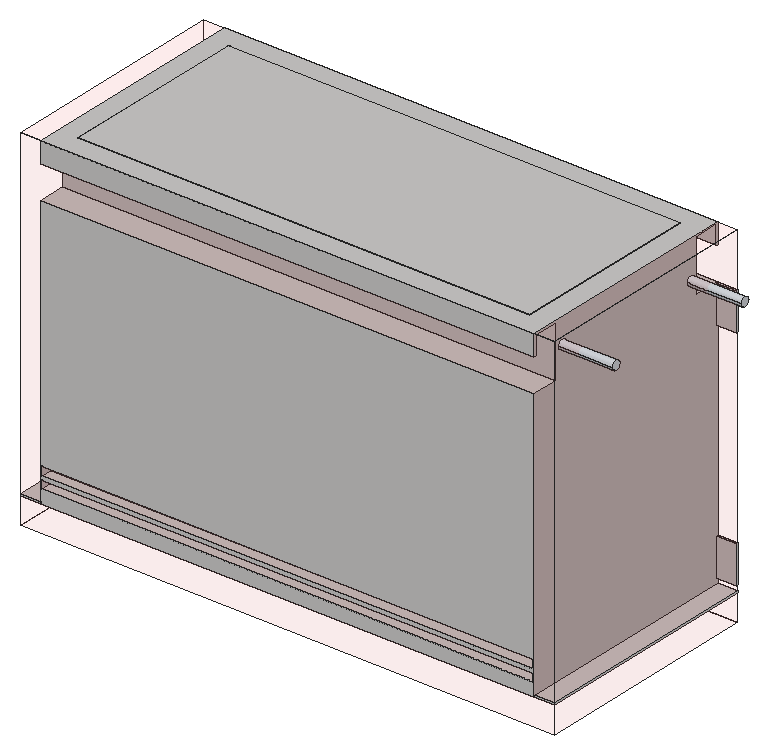
Revit family "Air-Curtain_Climate-Control_PoweredAire_THS", category Mechanical Equipment, host Face, Revit 2017
Family settings
  Host = Face
  Round Connector Dimension = Use Diameter
  Part Type = Normal
  OmniClass Number = 23.75.35.17.21
  OmniClass Title = Air Curtains
  Cut with Voids When Loaded = No
  Shared = No
  Room Calculation Point = No
Parameters
  upperrotation [instance] = if(Upper Pipe Connection Side A, 0.00°, 180.00°)  # 0.00°
  lowerrotation [instance] = if(Lower Pipe Connection Side A, 0.00°, 180.00°)  # 0.00°
  locateupperpipe [instance] = if(Upper Pipe Connection Side A, 0' 0", Nozzle Width)  # 0' - 0"
  locatelowerpipe [instance] = if(Lower Pipe Connection Side A, 0' 0", Nozzle Width)  # 0' - 0"
  Warranty Duration (Years) = 0
  Upper Pipe Connection Side A [instance] = yes
  Unit Width Notes = "Other Widths available."  # constant formula
  Unit Width = 3' - 3"
  Unit Weight = 0
  Unit Height = 1' - 4 3/4"
  Unit Depth [instance] = if(Include Filters, 2' 1 7/8", 1' 11 3/4")  # 1' - 11 3/4"
  URL = "http://www.poweredaire.com/"
  Test Data = ""
  Temperature Rise_Range = "as Specified"
  Standards Conformance = "as Specified"
  Specification = "http://www.arcat.com/sdspecs/htm04/23_34_33pai.htm"
  SpecWizard = ""
  Sound Pressure = "as Specified"
  Sales Information = "http://www.poweredaire.com/contact_us"
  Revision = "R1_2016-08"
  Projection from Host [instance] = 0' - 2"
  Product Properties = ""
  Product Data = "http://www.arcat.com/arcatcos/cos47/arc47623.html"
  Power Rating = 0 W
  Piping_Water Flow [instance] = 0 GPM
  Piping_Operating Pressure [instance] = 0.00 psi
  Piping_Exit Temperature [instance] = 0 °F
  Piping_Entry Temperature [instance] = 0 °F
  Pipe OD [instance] = 5/8"
  Outlet Volume_Range = "as Specified"
  Outlet Velocity_Range = "as Specified"
  Nozzle Width = if(1 = 1, Unit Width - 0' 3", 0' 0")  # 3' - 0"
  Mounting Width = if(1 = 1, Unit Width - 0' 1 1/2", 0' 0")  # 3' - 1 1/2"
  Mounting Height [instance] = 3' - 6"
  Motor RPM = 0
  Motor HP = 0
  Motor Count = 0
  Model = "As Specified"
  Max Height = 0' - 0"
  Manufacturer Website = "http://www.poweredaire.com/"
  Manufacturer Phone - Toll Free = "888-321-2473"
  Manufacturer Phone = "724-588-3305"
  Manufacturer Fax = "724-588-3371"
  Manufacturer Address = "109 Mortensen Rd.  Greenville, PA 16125"
  Manufacturer = "Powered Aire, Inc"
  Maintenance Schedule (Months) = 0
  Lower Pipe Connection Side A [instance] = yes
  Keynote = "23 34 33"
  Installation-Fabrication = ""
  Installation Phase = ""
  Include Filters [instance] = no
  Include Clearance [instance] = yes
  Heating Element Load = 0 W
  HVAC_Temperature Rise [instance] = 0 °F
  HVAC_Outlet Volume [instance] = 0 CFM
  HVAC_Outlet Velocity Uniformity = 0
  HVAC_Outlet Velocity [instance] = 0 FPM
  HVAC_BTU Input = 0.0 Btu/h
  Green Building-LEED = "http://www.arcat.com/green/clients/leed_data_47623.html"
  Front Grating Material [instance] = Metal - Steel - PoweredAire - Stainless 304 Perforated
  Frame Finish [instance] = Metal - Steel - PoweredAire - Stainless 304
  Expected Lifespan (Years) = 0
  Electrical_Wattage [instance] = Power Rating + Heating Element Load  # 0 W
  Electrical_Voltage [instance] = 0 V
  Electrical_Phase [instance] = 1
  Electrical_Frequency [instance] = 0 Hz
  Electrical_Amperage [instance] = 0 A
  Drawn By = "Sumex Design, Inc. / Robert S. Weygant, CSI, CDT, SCIP"
  Description = "Powered Aire Air Curtain as Specified"
  Default Elevation = 0' - 0"  # constant formula
  Copyright = "©Arcat Inc."
  Construction Details = "http://www.arcat.com/details/powair/prod3336.html"
  Clearance_Top [instance] = 0' - 0"
  Clearance_Side B [instance] = 0' - 0"
  Clearance_Side A [instance] = 0' - 0"
  Clearance_Intake [instance] = 0' - 0"
  Clearance_Bottom [instance] = 0' - 0"
  Clearance Material [instance] = ARCAT Clearance
  Building Codes = ""
  Available Options [instance] = "as Specified"
  Assembly Code = "D3090400"
Reference planes (in)
  plane 1 "Center (Elevation)": y = 0.13818
  plane 2: z = 0
  plane 3 "Center (Left/Right)": x = 0
  plane 4: y = 8.51318
  plane 5: y = -8.23682
  plane 6: x = -19.5
  plane 7: x = 19.5
  plane 8: z = 25.75
  plane 9 "FF": y = -41.86182
  plane 10: z = 2
  plane 11: x = 18
  plane 12: x = -18
  plane 13: y = 8.51318
  plane 14: y = -8.23682
  plane 15: x = -19.5
  plane 16: x = 19.5
  plane 17: z = 25.75
  plane 18: x = 17.9375
  plane 19: x = -17.9375
  plane 20: x = 18
  plane 21: x = 18
  plane 22: y = 6.01318
  plane 23: y = -5.73682
Forms (in)
  Extrusion 1, solid, material "Metal - Steel - PoweredAire - Stainless 304" <- "Frame Finish"
    sketch origin (0, 0, 0) x (0, 1, 0) y (0, 0, 1)
      loop
        line (-8.23682, 2) -> (8.51318, 2) -> (8.51318, 21.8125) -> (6.51318, 21.8125) -> (6.51318, 25.625) -> (8.38818, 25.625) -> (8.38818, 24.25) -> (8.51318, 24.25) -> (8.51318, 25.75) -> (-8.23682, 25.75) -> (-8.23682, 24.25) -> (-8.11182, 24.25) -> (-8.11182, 25.625) -> (-6.23682, 25.625) -> (-6.23682, 21.8125) -> (-8.23682, 21.8125) -> (-8.23682, 2)
    from -18 to 18
  Extrusion 2, solid, material "ARCAT Clearance" <- "Clearance Material", visible <- "Include Clearance"
    sketch origin (0, 0, 0) x (0, 1, 0) y (0, 0, 1)
      loop
        line (-8.23682, 25.75) -> (-8.23682, 0) -> (8.51318, 0) -> (8.51318, 25.75) -> (-8.23682, 25.75)
    from -19.5 to 19.5
  Extrusion 3, solid, material "Metal - Steel - PoweredAire - Stainless 304" <- "Frame Finish"
    sketch origin (-15.17702, -180, 2) x (-1, 0, 0) y (0, -1, 0)
      loop
        line (-33.17702, -188.51318) -> (-33.17702, -171.76318) -> (-34.67702, -171.76318) -> (-34.67702, -188.51318) -> (-33.17702, -188.51318)
      loop
        line (2.82298, -188.51318) -> (4.32298, -188.51318) -> (4.32298, -171.76318) -> (2.82298, -171.76318) -> (2.82298, -188.51318)
    from 0 to 0.125
  Extrusion 4, solid, material "Metal - Steel - PoweredAire - Stainless 304" <- "Frame Finish"
    sketch origin (-11.83813, 8.51318, 48) x (-1, 0, 0) y (0, 0, 1)
      loop
        line (-29.83813, -45.5) -> (-29.83813, -42.75) -> (-31.33813, -42.75) -> (-31.33813, -45.5) -> (-29.83813, -45.5)
      loop
        line (-29.83813, -28.9375) -> (-29.83813, -26.1875) -> (-31.33813, -26.1875) -> (-31.33813, -28.9375) -> (-29.83813, -28.9375)
      loop
        line (6.16187, -45.5) -> (7.66187, -45.5) -> (7.66187, -42.75) -> (6.16187, -42.75) -> (6.16187, -45.5)
      loop
        line (6.16187, -28.9375) -> (7.66187, -28.9375) -> (7.66187, -26.1875) -> (6.16187, -26.1875) -> (6.16187, -28.9375)
    from 0 to -0.125
  Extrusion 5, void
    sketch origin (0, 0, 0) x (0, 1, 0) y (0, 0, 1)
      loop
        line (-8.23682, 3) -> (-7.23682, 3) -> (-7.23682, 4.5) -> (-8.23682, 4.5) -> (-8.23682, 3.82425) -> (-7.38364, 3.82425) -> (-7.38364, 3.57425) -> (-8.23682, 3.57425) -> (-8.23682, 3)
    from -17.9375 to 17.9375
  Extrusion 6, solid, material "Metal - Steel - PoweredAire - Stainless 304 Perforated" <- "Front Grating Material"
    sketch origin (0, -8.23682, 25.75) x (0, 1, 0) y (-1, 0, 0)
      loop
        line (15.25, 16.5) -> (1.5, 16.5) -> (1.5, -16.5) -> (15.25, -16.5) -> (15.25, 16.5)
    from 0 to 0.03125
  Sweep 7, solid
    path origin (18, 6.01318, 0) x (1, 0, 0) y (0, 1, 0)
      loop
        line (0, 0) -> (4, 0)
    profile origin (20, 6.01318, 0) x (0, 1, 0) y (0, 0, 1)
      loop
        circle (0, 23) r 0.3125
  Sweep 8, solid
    path origin (18, -5.73682, 0) x (1, 0, 0) y (0, 1, 0)
      loop
        line (0, 0) -> (4, 0)
    profile origin (20, -5.73682, 0) x (0, 1, 0) y (0, 0, 1)
      loop
        circle (0, 24) r 0.3125
Cuts and joins
  Extrusion 5 cuts Extrusion 1
Lines and regions (in)
  reference lines
    curve 1: line (18, 6.01318, 0) -> (22.75, 6.01318, 0)
    curve 2: line (18, -5.73682, 0) -> (23.75, -5.73682, 0)
Dimensions and locks (in)
  equal spacing: plane 4, plane 1 "Center (Elevation)", plane 5
  "Unit Height": plane 4 to plane 5
  equal spacing: plane 6, plane 3 "Center (Left/Right)", plane 7
  "Unit Width": plane 6 to plane 7
  "Mounting Height": plane 1 "Center (Elevation)" to plane 9 "FF"
  "Projection from Host": plane 10 to level
  "Unit Depth": plane 8 to plane 10
  locked: plane 6 to plane 12 at 1.5
  locked: plane 11 to plane 7 at 1.5
  "Clearance_Side A": plane 7 to plane 16
  "Clearance_Side B": plane 15 to plane 6
  "Clearance_Top": plane 13 to plane 4
  "Clearance_Bottom": plane 5 to plane 14
  "Clearance_Intake": plane 17 to plane 8
  plane 5 to Extrusion 1 sketch curve to Extrusion 1 sketch curve = 0' - 0 1/8" locked, 0' - 1 7/8" locked
  Extrusion 1 sketch curve to Extrusion 1 sketch curve to plane 4 = 0' - 1 7/8" locked, 0' - 0 1/8" locked
  Extrusion 4 sketch curve to Extrusion 4 sketch curve to Extrusion 4 sketch curve to Extrusion 4 sketch curve to plane 10 = 0' - 2 3/4" locked, 1' - 1 13/16" locked, 0' - 2 3/4" locked, 0' - 0 1/2" locked
  Extrusion 4 sketch curve to Extrusion 4 sketch curve to Extrusion 4 sketch curve to Extrusion 4 sketch curve = 0' - 2 3/4" locked, 1' - 1 13/16" locked, 0' - 2 3/4" locked
  locked: Extrusion 4 sketch curve to plane 10 at 0.5
  plane 8 to Extrusion 1 sketch curve to Extrusion 1 sketch curve = 0' - 0 1/8" locked, 0' - 1 3/8" locked  (x2)
  locked: Extrusion 1 sketch curve to plane 10 at 19.8125  (x2)
  Extrusion 5 sketch curve to Extrusion 5 sketch curve to Extrusion 5 sketch curve to Extrusion 5 sketch curve to plane 10 = 0' - 0.67575" locked, 0' - 0 1/4" locked, 0' - 0.57425" locked, 0' - 1" locked
  plane 5 to Extrusion 5 sketch curve to Extrusion 5 sketch curve = 0' - 0.85319" locked, 0' - 0.14681" locked
  locked: plane 19 to plane 12 at 0.0625
  locked: plane 11 to plane 18 at 0.0625
  locked: plane 4 to Extrusion 6 sketch curve at 1.5
  locked: Extrusion 6 sketch curve to plane 5 at 1.5
  locked: Extrusion 6 sketch curve to plane 11 at 1.5
  locked: plane 12 to Extrusion 6 sketch curve at 1.5
  "locateupperpipe": plane 20 to plane 11
  "locatelowerpipe": plane 21 to plane 11
  locked: plane 4 to plane 22 at 2.5
  locked: plane 23 to plane 5 at 2.5
  locked: curve 1 to Sweep 7 sketch curve at 4
  locked: curve 1 to Sweep 7 sketch curve
  locked: Sweep 7 sketch curve to plane 10 at 21
  locked: curve 2 to Sweep 8 sketch curve at 4
  locked: curve 2 to Sweep 8 sketch curve
  locked: Sweep 8 sketch curve to plane 10 at 22
  "upperrotation": angle plane 22 to curve 1
  "lowerrotation": angle plane 23 to curve 2
  aligned and locked: plane 2 to host face
  aligned and locked: level to host face
  aligned and locked: Extrusion 2 sketch curve to plane 17
  aligned and locked: plane 14 to Extrusion 2 sketch curve
  aligned and locked: level to Extrusion 2 sketch curve
  aligned and locked: Extrusion 2 sketch curve to plane 13
  aligned and locked: plane 16 to Extrusion 2
  aligned and locked: Extrusion 2 to plane 15
  aligned and locked: plane 11 to Extrusion 1
  aligned and locked: Extrusion 1 to plane 12
  aligned and locked: plane 21 to curve 2
  aligned and locked: plane 23 to curve 2
  aligned and locked: plane 22 to curve 1
  aligned and locked: plane 20 to curve 1
Automatic sketch dimensions
  host sketch curve to host sketch curve = 8' - 0"  (x2)
  Extrusion 1 sketch curve to plane 5 = 0' - 0"  (x2)
  Extrusion 1 sketch curve to plane 4 = 0' - 0"  (x2)
  Extrusion 1 sketch curve to plane 10 = 0' - 0"
  Extrusion 1 sketch curve to plane 8 = 0' - 0"
  plane 4 to Extrusion 3 sketch curve = 0' - 0"
  Extrusion 3 sketch curve to plane 7 = 0' - 0"
  plane 5 to Extrusion 3 sketch curve = 0' - 0"
  Extrusion 3 sketch curve to plane 11 = 0' - 0"
  Extrusion 3 sketch curve to plane 4 = 0' - 0"
  Extrusion 3 sketch curve to plane 12 = 0' - 0"
  Extrusion 3 sketch curve to plane 6 = 0' - 0"
  Extrusion 3 sketch curve to plane 5 = 0' - 0"
  Extrusion 4 sketch curve to plane 7 = 0' - 0"  (x2)
  Extrusion 4 sketch curve to plane 11 = 0' - 0"  (x2)
  Extrusion 4 sketch curve to plane 12 = 0' - 0"  (x2)
  Extrusion 4 sketch curve to plane 6 = 0' - 0"  (x2)
  Extrusion 5 sketch curve to plane 5 = 0' - 0"  (x2)
  Sweep 7 sketch curve to profile plane = 0' - 0"
  Sweep 8 sketch curve to profile plane = 0' - 0"
  radius of Sweep 7 sketch curve = 0' - 0 5/16"
  radius of Sweep 8 sketch curve = 0' - 0 5/16"
Connectors (in)
  piping at (22, 6.01318, 23), diameter 0.625, driven by "Pipe OD", driven by "Piping_Water Flow"
    settings: on Sweep 7, index 1, connector inside diameter 24", connector length 0' - 0", flow factor 0, pipe flow 0 GPM, pressure drop 0.00 psi, fitting loss kfactor 0, connector angle 0.00°, fixture units 0, engagement length 0' - 0", angle of deflection 0.00°, flow configuration 0, flow direction 0, fitting loss method 0, system type 29, joint type 0, gender type 0, connector reference index -1, connector utility 0, adjustable connector no, is connector primary yes, connector description "Define Supply or Return and Location"
  piping at (22, -5.73682, 24), diameter 0.625, driven by "Pipe OD", driven by "Piping_Water Flow"
    settings: on Sweep 8, index 2, connector inside diameter 24", connector length 0' - 0", flow factor 0, pipe flow 0 GPM, pressure drop 0.00 psi, fitting loss kfactor 0, connector angle 0.00°, fixture units 0, engagement length 0' - 0", angle of deflection 0.00°, flow configuration 0, flow direction 0, fitting loss method 0, system type 29, joint type 0, gender type 0, connector reference index -1, connector utility 0, adjustable connector no, is connector primary no, connector description "Define Supply or Return and Location"
  electrical at (-18, 0.13818, 21.39062), driven by "Electrical_Voltage", driven by "Electrical_Phase"
    settings: on cut or joined group of Extrusion 1, Extrusion 5, index 3, voltage 0 V, apparent load 0 VA, apparent load phase1 0 VA, apparent load phase2 0 VA, apparent load phase3 0 VA, power factor 1, load classification "Motor", number of poles 1, system type 31, power factor state 1, is connector primary yes, connector utility no, sub classification motor no, connector description ""
